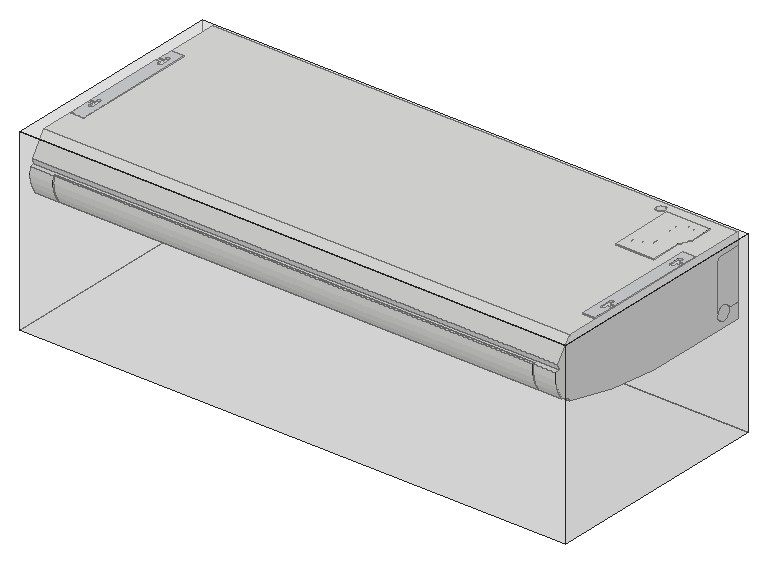
Revit family "outputfile", category 機械設備, Revit 2024
Family settings
  丸型コネクタ寸法 = 半径を使用
  パーツ タイプ = 標準
  OmniClass 番号 = 23.75.10.24.21.27.27
  OmniClass タイトル = Split System Air Conditioning Units
  作業面ベース = いいえ
  常に垂直 = はい
  ロード時にボイドで切り取り = いいえ
  注釈の向きを維持 = いいえ
  共有 = いいえ
  部屋計算ポイント = はい
Parameters (values of type "FHA125DVMG")
  製造元 = "Daikin"
  書き出し IFC クラス(タイプ) = "IfcUnitaryEquipmentType"
  定義済み IFC タイプ(タイプ) = "AIRCONDITIONINGUNIT"
  モデル = "FHA125DVMG"
  switch_frequency = yes
  r_Liquid Pipe Size = Liquid Pipe Size / 2  # 4.75 mm
  r_Gas Pipe Size = Gas Pipe Size / 2  # 7.95 mm
  r_Drain Pipe Size = Drain Pipe Size / 2  # 10.0 mm
  l_powersupply [instance] = if(Rear Right Connection_powersupply, 29.0 mm, 175.0 mm)  # 29.0 mm
  h_mountinghole = 2.0 mm
  connector_voltage = Voltage_50Hz  # 230 V
  connector_powerinput = [Power Input (Cooling)]  # 2.250 kW
  connector_phase = Phase_50Hz  # 1
  angle_vertical_powersupply [instance] = if(Rear Right Connection_powersupply, 90.00°, 180.00°)  # 90.00°
  angle_vertical_drainpipe [instance] = if(or(Left Connection_drainpipe, Right Connection_drainpipe), 90.00°, if(Top Connection_drainpipe, 180.00°, -90.00°))  # -90.00°
  angle_horizontal_powersupply [instance] = if(Rear Right Connection_powersupply, 180.00°, 0.00°)  # 180.00°
  angle_horizontal_drainpipe [instance] = if(Right Connection_drainpipe, 90.00°, if(Left Connection_drainpipe, -90.00°, 0.00°))  # 0.00°
  Voltage_comment_60Hz = "220-230"
  Voltage_comment_50Hz = "220-240"
  Voltage_60Hz = 220 V
  Voltage_50Hz = 230 V
  Top Connection_refrigerant [instance] = no
  Top Connection_powersupply [instance] = not(Rear Right Connection_powersupply)  # no
  Right Connection_refrigerant [instance] = no
  Rear Right Connection_refrigerant [instance] = yes
  Phase_60Hz = 1
  Phase_50Hz = 1
  Material_Casing = DAIKIN_White_Casing_indoorunit
  lw_powersupply [instance] = if(Rear Right Connection_powersupply, 220.0 mm, 210.0 mm)  # 220.0 mm
  lw_mountinghole_pitch = Width - 40.0 mm  # 1550.0 mm
  lw_mountinghole = 20.0 mm
  lw_liquidpipe [instance] = if(Right Connection_refrigerant, 156.0 mm, if(Top Connection_refrigerant, 156.0 mm, 136.0 mm))  # 136.0 mm
  lw_gaspipe = 105.0 mm
  lw_drainpipe [instance] = if(Top Connection_drainpipe, 102.0 mm, if(Width = 960.0 mm, if(or(Left Connection_drainpipe, Rear Left Connection_drainpipe), 884.0 mm, 83.0 mm), if(Width = 1270.0 mm, if(or(Left Connection_drainpipe, Rear Left Connection_drainpipe), 1194.0 mm, 83.0 mm), if(Width = 1590.0 mm, if(or(Left Connection_drainpipe, Rear Left Connection_drainpipe), 1514.0 mm, 83.0 mm), 83.0 mm))))  # 83.0 mm
  lh_powersupply = 175.0 mm
  lh_liquidpipe [instance] = if(Rear Right Connection_refrigerant, 160.0 mm, 131.0 mm)  # 160.0 mm
  lh_gaspipe [instance] = if(Rear Right Connection_refrigerant, 150.0 mm, 91.0 mm)  # 150.0 mm
  lh_drainpipe = 197.0 mm
  l_antena = 1.0 mm
  ld_powersupply = 30.0 mm
  ld_mountinghole_pitch = 260.0 mm
  ld_mountinghole = 210.0 mm
  ld_liquidpipe [instance] = if(Right Connection_refrigerant, 57.0 mm, if(Top Connection_refrigerant, 189.0 mm, 221.0 mm))  # 221.0 mm
  ld_gaspipe [instance] = if(Right Connection_refrigerant, 57.0 mm, if(Top Connection_refrigerant, 163.0 mm, 214.0 mm))  # 214.0 mm
  ld_drainpipe [instance] = if(or(Left Connection_drainpipe, Right Connection_drainpipe), 57.0 mm, if(Top Connection_drainpipe, 87.0 mm, 268.0 mm))  # 268.0 mm
  l_liquidpipe_length [instance] = if(Right Connection_refrigerant, 156.0 mm, if(Top Connection_refrigerant, 131.0 mm, 220.0 mm))  # 220.0 mm
  l_gaspipe_length [instance] = if(Right Connection_refrigerant, 105.0 mm, if(Top Connection_refrigerant, 91.0 mm, 213.0 mm))  # 213.0 mm
  l_drainpipe_length [instance] = if(Right Connection_drainpipe, 83.0 mm, if(Top Connection_drainpipe, 197.0 mm, if(Left Connection_drainpipe, 76.0 mm, 267.0 mm)))  # 267.0 mm
  h*** = 0.0 mm
  angle_vertical [instance] = if(Right Connection_refrigerant, 90.00°, if(Top Connection_refrigerant, 180.00°, -90.00°))  # -90.00°
  angle_horizontal [instance] = if(Right Connection_refrigerant, 90.00°, 0.00°)  # 0.00°
  Width = 1590.0 mm
  Version = "ver.1.0"
  Unit Type = "Ceiling"
  Unit Mass Weight = 38.00 kg
  Unit Designation [instance] = ""
  Uniclass2015Version = "Products v1.30"
  Uniclass2015Title = "Split coil room air conditioning units"
  Uniclass2015Code = "Pr_70_65_03_86"
  Total Cooling Capacity [instance] = 0.000 kW
  Top Connection_drainpipe [instance] = no
  Sound Pressure Level_M speed (dBA) = 41
  Sound Pressure Level_L speed (dBA) = 37
  Sound Pressure Level_H speed (dBA) = 44
  Series = "SkyAir_Fan Coil Unit"
  Sensible Cooling Capacity [instance] = 0.000 kW
  Rear Right Connection_drainpipe [instance] = yes
  Rear Right Connection_powersupply [instance] = yes
  Right Connection_drainpipe [instance] = no
  Refrigerant Type = "R32"
  Power Input (Cooling) = 2.250 kW
  Option Accessory 3 [instance] = ""
  Option Accessory 2 [instance] = ""
  Option Accessory 1 [instance] = ""
  Nominal Cooling Capacity = 9.200 kW
  Minimum Airflow = 1380.00 m³/h
  Median Airflow = 1620.00 m³/h
  Maximum Airflow = 1860.00 m³/h
  Load Classification = HVAC
  Liquid Pipe Size = 9.5 mm
  Link_Nested Family [instance] = ""
  Rear Left Connection_drainpipe [instance] = no
  Left Connection_drainpipe [instance] = no
  IfcVersion = ""
  IfcExportType = "AIRCONDITIONINGUNIT"
  IfcExportAs = "IfcUnitaryEquipmentType"
  Height = 235.0 mm
  Heat Exchanger Type = "Cross Fin Coil"
  Gas Pipe Size = 15.9 mm
  Frequency_60Hz = 60 Hz
  Frequency_50Hz = 50 Hz
  Fan Type = "Sirocco Fan"
  Fan Drive = "Direct Drive"
  FCU Tag No. [instance] = ""
  Drain Pipe Size = 20.0 mm
  Design Supply Airflow [instance] = 0.00 m³/h
  Design Outdoor Airflow [instance] = 0.00 m³/h
  Depth = 690.0 mm
  既定の高さ = 0.0 mm
  Cooling Entering Wet Bulb Temperature [instance] = 0.00 °C
  Cooling Entering Dry Bulb Temperature [instance] = 0.00 °C
  Cooling Ambient Wet Bulb Temperature [instance] = 0.00 °C
  Cooling Ambient Dry Bulb Temperature [instance] = 0.00 °C
  Clearance visibility [instance] = yes
  Clearance Top = 5.0 mm
  Clearance Right = 30.0 mm
  Clearance Rear = 0.0 mm
  Clearance Left = 30.0 mm
  Clearance Front = 0.0 mm
  Clearance Bottom = 300.0 mm
Reference planes
  plane 1 "Back": y = 0
  plane 2: z = 0
  plane 3 "Center (Left/Right)": x = 0
  plane 4 "Center (Front/Back)": y = -1
  plane 5 "Front": y = -690
  plane 6 "Left": x = -795
  plane 7 "Right": x = 795
  plane 8 "Top": z = 0
  plane 9 "Bottom": z = -235
  plane 10: y = -690
  plane 11: x = -825
  plane 12: x = 825
  plane 13: z = 5
  plane 14: z = -535
  plane 15: y = 0
  plane 16 "lw_mountinghole": x = -775
  plane 17 "lw_mountinghole2": x = 775
  plane 18 "ld_mountinghole": y = -210
  plane 19 "ld_mountinghole2": y = -470
  plane 20 "lw_gaspipe": x = 690
  plane 21 "ld_gaspipe": y = -214
  plane 22 "lh_gaspipe": z = -150
  plane 23 "lw_liquidpipe": x = 659
  plane 24 "ld_liquidpipe": y = -221
  plane 25 "lh_liquidpipe": z = -160
  plane 26 "ld_drainpipe": y = -268
  plane 27 "lw_drainpipe": x = 712
  plane 28 "lh_drainpipe": z = -197
  plane 29 "lw_powersupply": x = 575
  plane 30 "lh_powersupply": z = -175
  plane 31 "ld_powersupply": y = -30
  plane 32: x = -725.5
  plane 33: x = 725.5
  plane 34: x = -750
  plane 35: x = 750
  plane 36: x = -2
  plane 37: x = 2
Forms (mm)
  Extrusion 1, solid, material "DAIKIN_White_Casing_indoorunit" <- "Material_Casing"
    sketch origin (0, 0, 0) x (0, 1, 0) y (0, 0, 1)
      loop
        line (-639.277, 0) -> (-680.876, -61.699) -> (-675.026, -77.772)
        arc (-675.026, -77.772) -> (-681.815, -78.743) -> (-688.601, -79.732) r 2634.132
        arc (-688.601, -79.732) -> (-687.018, -121.096) -> (-669.159, -158.439) r 102.2
        line (-669.159, -158.439) -> (-639.858, -169.325) -> (-635.895, -178.261)
        arc (-635.895, -178.261) -> (-479.121, -215.759) -> (-319.077, -235) r 1400.997
        line (-319.077, -235) -> (-1, -235) -> (-1, 0) -> (-639.277, 0)
    from -795 to 795
  Extrusion 2, solid, material "DAIKIN_White_Casing_indoorunit" <- "Material_Casing"
    sketch origin (0, 0, 0) x (0, 1, 0) y (0, 0, 1)
      loop
        arc (-688.601, -79.732) -> (-687.018, -121.096) -> (-669.159, -158.439) r 102.2
        line (-669.159, -158.439) -> (-665.589, -154.869)
        arc (-665.589, -154.869) -> (-682.432, -118.783) -> (-683.39, -78.971) r 97.2
        arc (-683.39, -78.971) -> (-685.996, -79.351) -> (-688.601, -79.732) r 2634.132
    from -725.5 to 725.5
  Extrusion 3, void
    sketch origin (0, 0, 0) x (0, 1, 0) y (0, 0, 1)
      loop
        line (-301.098, -235) -> (-21.098, -235) -> (-21.098, -230) -> (-301.098, -230) -> (-301.098, -235)
    from -750 to 750
  Extrusion 4, solid, material "DAIKIN_White_Grille_indoorunit"
    sketch origin (0, 0, 0) x (0, 1, 0) y (0, 0, 1)
      loop
        line (-20.098, -230) -> (-301.098, -230) -> (-301.098, -235) -> (-20.098, -235) -> (-20.098, -230)
    from -750 to -2
  Extrusion 5, solid, material "DAIKIN_White_Casing_indoorunit" <- "Material_Casing"
    sketch origin (0, 0, 0) x (1, 0, 0) y (0, 0, 1)
      loop
        line (602, -63) -> (602, -178) -> (673, -220) -> (736, -220) -> (736, -63) -> (602, -63)
    from 0 to 1
  Extrusion 6, solid, material "DAIKIN_White_Casing_indoorunit" <- "Material_Casing"
    sketch origin (0, 0, 0) x (-1, 0, 0) y (0, -1, 0)
      loop
        line (-607, 35) -> (-607, 230) -> (-723, 230) -> (-723, 135) -> (-738, 105) -> (-738, 35) -> (-607, 35)
    from 0 to 1.9
  Extrusion 7, void
    sketch origin (795, 0, 0) x (0, 1, 0) y (0, 0, 1)
      loop
        arc (-79.5, -195) -> (-55.446, -217.446) -> (-34.715, -191.9) r 22.5
        line (-34.715, -191.9) -> (-1, -191.9) -> (-1, -190.1) -> (-35.04, -190.1)
        arc (-35.04, -190.1) -> (-54.942, -172.594) -> (-77.7, -186.182) r 22.5
        line (-77.7, -186.182) -> (-77.7, -43)
        arc (-77.7, -43) -> (-76.528, -40.172) -> (-73.7, -39) r 4
        line (-73.7, -39) -> (-1, -39) -> (-1, -37.2) -> (-73.7, -37.2)
        arc (-73.7, -37.2) -> (-77.801, -38.899) -> (-79.5, -43) r 5.8
        line (-79.5, -43) -> (-79.5, -195)
      loop
        circle (-57, -195) r 20.7
    from 0 to -10
  Extrusion 8, void
    sketch origin (-1444.026, -1, 1200) x (1, 0, 0) y (0, 0, 1)
      loop
        arc (715.026, -1375) -> (704.42, -1379.393) -> (700.026, -1390) r 15
        line (700.026, -1390) -> (700.026, -1400)
        arc (700.026, -1400) -> (704.42, -1410.607) -> (715.026, -1415) r 15
        line (715.026, -1415) -> (745.026, -1415)
        arc (745.026, -1415) -> (755.633, -1410.607) -> (760.026, -1400) r 15
        line (760.026, -1400) -> (760.026, -1390)
        arc (760.026, -1390) -> (755.633, -1379.393) -> (745.026, -1375) r 15
        line (745.026, -1375) -> (715.026, -1375)
    from 0 to 10
  Extrusion 9, void
    sketch origin (-795, 0, 0) x (0, 1, 0) y (0, 0, 1)
      loop
        circle (-57, -197) r 22.5
    from 0 to 10
  Extrusion 10, void
    sketch origin (-1444.026, -1, 1200) x (1, 0, 0) y (0, 0, 1)
      loop
        circle (2136.026, -1375) r 44
    from 0 to 10
  Extrusion 11, void
    sketch origin (0, 0, 0) x (-1, 0, 0) y (0, -1, 0)
      loop
        circle (-693, 87) r 30
    from 0 to -10
  Extrusion 12, void
    sketch origin (0, 0, 0) x (-1, 0, 0) y (0, -1, 0)
      loop
        circle (-690, 163) r 18
    from 0 to -10
  Extrusion 13, void
    sketch origin (0, 0, 0) x (-1, 0, 0) y (0, -1, 0)
      loop
        circle (-639, 189) r 13
    from 0 to -10
  Extrusion 14, void
    sketch origin (-1444.026, -1, 1200) x (1, 0, 0) y (0, 0, 1)
      loop
        circle (2019.026, -1375) r 14.5
    from 0 to 10
  Extrusion 15, void
    sketch origin (0, 0, 0) x (-1, 0, 0) y (0, -1, 0)
      loop
        circle (-585, 30) r 14.5
    from 0 to -10
  Extrusion 16, void
    sketch origin (795, 0, 0) x (0, 1, 0) y (0, 0, 1)
      loop
        arc (-665.589, -154.869) -> (-682.432, -118.783) -> (-683.39, -78.971) r 97.2
        arc (-683.39, -78.971) -> (-685.996, -79.351) -> (-688.601, -79.732) r 2634.132
        arc (-688.601, -79.732) -> (-687.018, -121.096) -> (-669.159, -158.439) r 102.2
        line (-669.159, -158.439) -> (-665.589, -154.869)
    from -69.5 to -1520.5
  Extrusion 17, solid, material "DAIKIN_White_Casing_indoorunit" <- "Material_Casing"
    sketch origin (-795, 0, 0) x (0, 1, 0) y (0, 0, 1)
      loop
        circle (-57, -197) r 22.5
    from 0 to 10
  Extrusion 18, solid, material "DAIKIN_White_Grille_indoorunit"
    sketch origin (780, 0, 0) x (0, 1, 0) y (0, 0, 1)
      loop
        line (-20.098, -230) -> (-301.098, -230) -> (-301.098, -235) -> (-20.098, -235) -> (-20.098, -230)
    from -782 to -778
  Extrusion 19, solid, material "DAIKIN_White_Grille_indoorunit"
    sketch origin (0, 0, 0) x (0, 1, 0) y (0, 0, -1)
      loop
        line (-20.098, 230) -> (-20.098, 235) -> (-301.098, 235) -> (-301.098, 230) -> (-20.098, 230)
    from -750 to -2
Cuts and joins
  Extrusion 3, Extrusion 7, Extrusion 8, Extrusion 9, Extrusion 10, Extrusion 11, Extrusion 12, Extrusion 13, Extrusion 14, Extrusion 15, Extrusion 16 cuts Extrusion 1
Lines and regions (mm)
  reference lines
    curve 1: line (795, -580.282, -192.75) -> (795, -551.225, -200.21)
Dimensions and locks
  equal spacing: plane 6 "Left", plane 3 "Center (Left/Right)", plane 7 "Right"
  "Width": plane 6 "Left" to plane 7 "Right"
  "Depth": plane 5 "Front" to plane 1 "Back"
  "Height": plane 8 "Top" to plane 9 "Bottom"
  "Clearance Front": plane 10 to plane 5 "Front"
  "Clearance Left": plane 11 to plane 6 "Left"
  "Clearance Right": plane 7 "Right" to plane 12
  "Clearance Top": plane 13 to plane 8 "Top"
  "Clearance Bottom": plane 9 "Bottom" to plane 14
  "Clearance Rear": plane 1 "Back" to plane 15
  locked: plane 4 "Center (Front/Back)" to plane 1 "Back" at 1
  locked: Extrusion 1 sketch curve to Extrusion 1 sketch curve at 235
  locked: Extrusion 1 sketch curve to Extrusion 1 sketch curve at 318.077
  locked: Extrusion 1 sketch curve to Extrusion 1 sketch curve at 1163.297
  locked: Extrusion 1 sketch curve to Extrusion 1 sketch curve at 231.144
  Extrusion 3 sketch curve to Extrusion 3 sketch curve to plane 1 "Back" = 280.0 mm locked, 21.098 mm locked
  "ld_mountinghole": plane 18 "ld_mountinghole" to plane 1 "Back"
  "ld_mountinghole_pitch": plane 18 "ld_mountinghole" to plane 19 "ld_mountinghole2"
  "lw_mountinghole_pitch": plane 16 "lw_mountinghole" to plane 17 "lw_mountinghole2"
  "lw_mountinghole": plane 6 "Left" to plane 16 "lw_mountinghole"
  "lw_gaspipe": plane 20 "lw_gaspipe" to plane 7 "Right"
  "ld_gaspipe": plane 1 "Back" to plane 21 "ld_gaspipe"
  "lw_liquidpipe": plane 23 "lw_liquidpipe" to plane 7 "Right"
  "ld_liquidpipe": plane 1 "Back" to plane 24 "ld_liquidpipe"
  "lw_drainpipe": plane 27 "lw_drainpipe" to plane 7 "Right"
  "ld_drainpipe": plane 26 "ld_drainpipe" to plane 1 "Back"
  plane 8 "Top" to Extrusion 5 sketch curve to Extrusion 5 sketch curve = 63.0 mm locked, 157.0 mm locked
  plane 7 "Right" to Extrusion 5 sketch curve to Extrusion 5 sketch curve = 59.0 mm locked, 134.0 mm locked
  locked: Extrusion 5 sketch curve to Extrusion 5 sketch curve at 115
  locked: Extrusion 5 sketch curve to Extrusion 5 sketch curve at 63
  locked: Extrusion 6 sketch curve to Extrusion 6 sketch curve at 195
  locked: Extrusion 6 sketch curve to Extrusion 6 sketch curve at 116
  locked: Extrusion 6 sketch curve to Extrusion 6 sketch curve at 131
  locked: Extrusion 6 sketch curve to Extrusion 6 sketch curve at 100
  locked: Extrusion 6 sketch curve to plane 1 "Back" at 35
  locked: Extrusion 6 sketch curve to plane 7 "Right" at 57
  locked: Extrusion 8 sketch curve to Extrusion 8 sketch curve at 40
  locked: Extrusion 8 sketch curve to Extrusion 8 sketch curve at 60
  locked: plane 8 "Top" to Extrusion 8 sketch curve at 175
  locked: Extrusion 8 sketch curve to plane 6 "Left" at 51
  locked: plane 7 "Right" to Extrusion 10 sketch curve at 103
  locked: plane 8 "Top" to Extrusion 10 sketch curve at 175
  locked: Extrusion 11 sketch curve to plane 1 "Back" at 87
  locked: Extrusion 11 sketch curve to plane 7 "Right" at 102
  locked: Extrusion 12 sketch curve to plane 1 "Back" at 163
  locked: Extrusion 12 sketch curve to plane 7 "Right" at 105
  locked: Extrusion 13 sketch curve to plane 1 "Back" at 189
  locked: Extrusion 13 sketch curve to plane 7 "Right" at 156
  "lw_powersupply": plane 29 "lw_powersupply" to plane 7 "Right"
  "lh_gaspipe": plane 8 "Top" to plane 22 "lh_gaspipe"
  "lh_liquidpipe": plane 8 "Top" to plane 25 "lh_liquidpipe"
  "lh_powersupply": plane 8 "Top" to plane 30 "lh_powersupply"
  "lh_drainpipe": plane 8 "Top" to plane 28 "lh_drainpipe"
  "ld_powersupply": plane 1 "Back" to plane 31 "ld_powersupply"
  locked: plane 8 "Top" to Extrusion 7 sketch curve at 195
  locked: Extrusion 7 sketch curve to plane 1 "Back" at 57
  locked: plane 9 "Bottom" to Extrusion 7 sketch curve at 43.1
  locked: Extrusion 7 sketch curve to plane 8 "Top" at 39
  locked: Extrusion 7 sketch curve to plane 1 "Back" at 79.5
  locked: Extrusion 9 sketch curve to plane 1 "Back" at 57
  locked: plane 8 "Top" to Extrusion 9 sketch curve at 197
  locked: Extrusion 17 sketch curve to plane 1 "Back" at 57
  locked: plane 8 "Top" to Extrusion 17 sketch curve at 197
  locked: plane 7 "Right" to Extrusion 14 sketch curve at 220
  locked: plane 8 "Top" to Extrusion 14 sketch curve at 175
  locked: Extrusion 15 sketch curve to plane 7 "Right" at 210
  locked: Extrusion 15 sketch curve to plane 1 "Back" at 30
  locked: curve 1 to plane 9 "Bottom" at 34.79
  locked: curve 1 to plane 9 "Bottom" at 42.25
  locked: plane 6 "Left" to plane 32 at 69.5
  locked: plane 33 to plane 7 "Right" at 69.5
  locked: plane 35 to plane 7 "Right" at 45
  locked: plane 6 "Left" to plane 34 at 45
  plane 36 to plane 3 "Center (Left/Right)" to plane 37 = 2.0 mm locked, 2.0 mm locked
  locked: curve 1 to plane 9 "Bottom" (angle 14.40°)
  aligned and locked: level to plane 2
  aligned and locked: nested 1 to plane 11
  aligned and locked: nested 1 to plane 12
  aligned and locked: nested 1 to plane 10
  aligned and locked: plane 13 to nested 1
  aligned and locked: plane 14 to nested 1
  aligned and locked: plane 15 to nested 1
  aligned and locked: Extrusion 1 sketch curve to plane 8 "Top"
  aligned and locked: Extrusion 2 sketch curve to Extrusion 1  (x2)
  aligned and locked: plane 7 "Right" to Extrusion 1
  aligned and locked: Extrusion 1 to plane 6 "Left"
  aligned and locked: cut or joined group 1 (Extrusion 1, Extrusion 3, Extrusion 7, Extrusion 8, Extrusion 9, Extrusion 10, Extrusion 11, Extrusion 12, Extrusion 13, Extrusion 14, Extrusion 15, Extrusion 16) to Extrusion 3 sketch curve
  aligned and locked: cut or joined group 1 to Extrusion 4 sketch curve
  aligned and locked: Extrusion 5 to plane 4 "Center (Front/Back)"
  aligned and locked: Extrusion 7 sketch curve to plane 4 "Center (Front/Back)"
  aligned and locked: Extrusion 16 sketch curve to Extrusion 2  (x4)
  aligned and locked: Extrusion 16 to Extrusion 2  (x2)
  aligned and locked: nested 2 to plane 26 "ld_drainpipe"
  aligned and locked: plane 27 "lw_drainpipe" to nested 2
  aligned and locked: plane 20 "lw_gaspipe" to nested 3
  aligned and locked: nested 3 to plane 21 "ld_gaspipe"
  aligned and locked: plane 23 "lw_liquidpipe" to nested 4
  aligned and locked: nested 4 to plane 24 "ld_liquidpipe"
  aligned and locked: plane 25 "lh_liquidpipe" to nested 4
  aligned and locked: nested 5 to plane 31 "ld_powersupply"
  aligned and locked: plane 29 "lw_powersupply" to nested 5
  aligned and locked: nested 7 to plane 18 "ld_mountinghole"
  aligned and locked: plane 16 "lw_mountinghole" to nested 7
  aligned and locked: nested 6 to plane 19 "ld_mountinghole2"
  aligned and locked: plane 16 "lw_mountinghole" to nested 6
  aligned and locked: nested 9 to plane 18 "ld_mountinghole"
  aligned and locked: plane 17 "lw_mountinghole2" to nested 9
  aligned and locked: plane 17 "lw_mountinghole2" to nested 8
  aligned and locked: nested 8 to plane 19 "ld_mountinghole2"
  aligned and locked: nested 10 to curve 1
  aligned and locked: level to plane 8 "Top"
  aligned and locked: cut or joined group 1 to plane 32
  aligned and locked: plane 33 to cut or joined group 1
  aligned and locked: Extrusion 16 to plane 32
  aligned and locked: plane 33 to Extrusion 16
  aligned and locked: Extrusion 4 to plane 34
  aligned and locked: cut or joined group 1 to plane 34
  aligned and locked: plane 34 to Extrusion 4  (x3)
  aligned and locked: plane 16 "lw_mountinghole" to nested 11
  aligned and locked: plane 17 "lw_mountinghole2" to nested 12
  aligned and locked: plane 36 to Extrusion 4
  aligned and locked: Extrusion 18 to plane 36
  aligned and locked: plane 37 to Extrusion 18
  aligned and locked: Extrusion 19 to plane 37
  aligned and locked: plane 37 to Extrusion 19
  aligned and locked: plane 35 to Extrusion 19
  aligned and locked: plane 35 to Extrusion 3
  aligned and locked: Extrusion 4 to cut or joined group 1
  aligned and locked: cut or joined group 1 to Extrusion 18
  aligned and locked: cut or joined group 1 to Extrusion 19
Automatic sketch dimensions
  Extrusion 1 sketch curve to plane 4 "Center (Front/Back)" = 0.0 mm
  Extrusion 1 sketch curve to plane 5 "Front" = 102.2 mm
  Extrusion 1 sketch curve to plane 30 "lh_powersupply" = 3.261 mm
  Extrusion 1 sketch curve to plane 5 "Front" = 50.723 mm
  plane 30 "lh_powersupply" to Extrusion 1 sketch curve = 5.675 mm
  Extrusion 1 sketch curve to Extrusion 1 sketch curve = 3.963 mm
  plane 25 "lh_liquidpipe" to Extrusion 1 sketch curve = 1.561 mm
  Extrusion 1 sketch curve to plane 5 "Front" = 20.841 mm
  Extrusion 1 sketch curve to plane 5 "Front" = 14.974 mm
  Extrusion 1 sketch curve to plane 5 "Front" = 9.124 mm
  Extrusion 1 sketch curve to plane 26 "ld_drainpipe" = 37.278 mm
  Extrusion 1 sketch curve to plane 14 = 2150.825 mm
  plane 22 "lh_gaspipe" to Extrusion 1 sketch curve = 53.413 mm
  Extrusion 1 sketch curve to level = 77.772 mm
  Extrusion 1 sketch curve to Extrusion 1 sketch curve = 16.072 mm
  Extrusion 2 sketch curve to Extrusion 2 sketch curve = 0.0 mm  (x2)
  plane 25 "lh_liquidpipe" to Extrusion 2 sketch curve = 1.561 mm
  Extrusion 2 sketch curve to plane 22 "lh_gaspipe" = 4.869 mm
  Extrusion 2 sketch curve to Extrusion 2 sketch curve = 3.57 mm
  Extrusion 3 sketch curve to Extrusion 3 sketch curve = 5.0 mm
  plane 31 "ld_powersupply" to Extrusion 4 sketch curve = 9.902 mm
  Extrusion 4 sketch curve to Extrusion 4 sketch curve = 5.0 mm
  Extrusion 6 sketch curve to Extrusion 6 sketch curve = 30.0 mm
  Extrusion 7 sketch curve to Extrusion 7 sketch curve = 0.0 mm  (x6)
  Extrusion 7 sketch curve to plane 4 "Center (Front/Back)" = 0.0 mm  (x2)
  Extrusion 7 sketch curve to Extrusion 7 sketch curve = 1.8 mm  (x2)
  Extrusion 7 sketch curve to Extrusion 7 sketch curve = 4.0 mm
  Extrusion 7 sketch curve to Extrusion 7 sketch curve = 0.325 mm
  Extrusion 8 sketch curve to plane 32 = 3.5 mm  (x2)
  Extrusion 8 sketch curve to plane 28 "lh_drainpipe" = 3.0 mm
  Extrusion 8 sketch curve to Extrusion 8 sketch curve = 15.0 mm
  curve 1 to plane 5 "Front" = 109.718 mm
  Extrusion 18 sketch curve to plane 9 "Bottom" = 0.0 mm
  plane 9 "Bottom" to Extrusion 18 sketch curve = 5.0 mm
  Extrusion 18 sketch curve to plane 26 "ld_drainpipe" = 33.098 mm
  plane 31 "ld_powersupply" to Extrusion 18 sketch curve = 9.902 mm
  Extrusion 19 sketch curve to plane 9 "Bottom" = 0.0 mm
  plane 9 "Bottom" to Extrusion 19 sketch curve = 5.0 mm
  Extrusion 19 sketch curve to plane 26 "ld_drainpipe" = 33.098 mm
  plane 31 "ld_powersupply" to Extrusion 19 sketch curve = 9.902 mm
  Extrusion 4 sketch curve to plane 26 "ld_drainpipe" = 33.098 mm
  radius of Extrusion 7 sketch curve = 20.7 mm
  radius of Extrusion 9 sketch curve = 22.5 mm
  radius of Extrusion 10 sketch curve = 44.0 mm
  radius of Extrusion 11 sketch curve = 30.0 mm
  radius of Extrusion 12 sketch curve = 18.0 mm
  radius of Extrusion 13 sketch curve = 13.0 mm
  radius of Extrusion 14 sketch curve = 14.5 mm
  radius of Extrusion 15 sketch curve = 14.5 mm
  radius of Extrusion 17 sketch curve = 22.5 mm
Nested families
  nested 1: "daikin_clearancespace" at (0, -345, -264.881), visible <- "Clearance visibility", show <- "Clearance visibility", Link_Nested Family <- "Link_Nested Family", type "daikin_clearancespace"
    with width 1650.0 mm, show yes, height 540.0 mm, depth 690.0 mm, Link_Nested Family ""
  nested 2: "daikin_connector_rotate3" at (712, -268, -197), radius <- "r_Drain Pipe Size", angle_vertical <- "angle_vertical_drainpipe", angle_horizontal <- "angle_horizontal_drainpipe", length <- "l_drainpipe_length", type "daikin_connector_rotate3"
    with show no, radius 10.0 mm, length 267.0 mm, angle_vertical -90.00°, angle_horizontal 0.00°
  nested 3: "daikin_connector_rotate3" at (690, -214, -150), radius <- "r_Gas Pipe Size", angle_vertical <- "angle_vertical", angle_horizontal <- "angle_horizontal", length <- "l_gaspipe_length", type "daikin_connector_rotate3"
    with show no, radius 7.95 mm, length 213.0 mm, angle_vertical -90.00°, angle_horizontal 0.00°
  nested 4: "daikin_connector_rotate3" at (659, -221, -160), radius <- "r_Liquid Pipe Size", angle_vertical <- "angle_vertical", angle_horizontal <- "angle_horizontal", length <- "l_liquidpipe_length", type "daikin_connector_rotate3"
    with show no, radius 4.75 mm, length 220.0 mm, angle_vertical -90.00°, angle_horizontal 0.00°
  nested 5: "daikin_connector_rotate3" at (575, -30, -175), length <- "l_powersupply", angle_vertical <- "angle_vertical_powersupply", angle_horizontal <- "angle_horizontal_powersupply", type "daikin_connector_rotate3"
    with show no, radius 10.0 mm, length 29.0 mm, angle_vertical 90.00°, angle_horizontal 180.00°
  nested 6: "daikin_mountinghole" at (-775, -470, 0), l_antenna <- "l_antena", Link_Nested Family <- "Link_Nested Family", h_mountinghole <- "h_mountinghole", type "daikin_mountinghole"
    with show yes, l_antenna 1.0 mm, h_mountinghole 2.0 mm, Link_Nested Family ""
  nested 7: "daikin_mountinghole" at (-775, -210, 0), l_antenna <- "l_antena", Link_Nested Family <- "Link_Nested Family", h_mountinghole <- "h_mountinghole", type "daikin_mountinghole"
    with show yes, l_antenna 1.0 mm, h_mountinghole 2.0 mm, Link_Nested Family ""
  nested 8: "daikin_mountinghole" at (775, -470, 0), l_antenna <- "l_antena", Link_Nested Family <- "Link_Nested Family", h_mountinghole <- "h_mountinghole", type "daikin_mountinghole"
    with show yes, l_antenna 1.0 mm, h_mountinghole 2.0 mm, Link_Nested Family ""
  nested 9: "daikin_mountinghole" at (775, -210, 0), Link_Nested Family <- "Link_Nested Family", l_antenna <- "l_antena", h_mountinghole <- "h_mountinghole", type "daikin_mountinghole"
    with show yes, l_antenna 1.0 mm, h_mountinghole 2.0 mm, Link_Nested Family ""
  nested 10: "daikin_logo_plane_w40" at (647.963, -559.801, -198.008) x (1, 0, 0) z (0, -0.2487, -0.9686), type "daikin_logo_plane_w40"
    with show_logo yes
  nested 11: "daikin_hangerfixture_FHA-DVMG" at (-775, 0, 0), type "daikin_hangerfixture_FHA-DVMG"
    with width 38.0 mm, height 2.0 mm, depth 380.0 mm
  nested 12: "daikin_hangerfixture_FHA-DVMG" at (775, 0, 0) x (-1, 0, 0) z (0, 0, 1), type "daikin_hangerfixture_FHA-DVMG"
    with width 38.0 mm, height 2.0 mm, depth 380.0 mm
Connectors
  piping at (712, -1, -197), diameter 20, driven by "r_Drain Pipe Size"
    settings: on nested 2, index 1, connector inside diameter 609.6 mm, connector length 0.0 mm, flow factor 0, pipe flow 0.00 m³/h, pressure drop 0.0 Pa, fitting loss kfactor 0, connector angle 0.00°, fixture units 0, engagement length 0.0 mm, angle of deflection 0.00°, flow configuration 1, flow direction 2, fitting loss method 4, system type 16, joint type 0, gender type 0, connector reference index -1, connector utility 0, adjustable connector no, is connector primary yes, connector description "Condensate Drain Piping"
  piping at (690, -1, -150), diameter 15.9, driven by "r_Gas Pipe Size"
    settings: on nested 3, index 3, connector inside diameter 609.6 mm, connector length 0.0 mm, flow factor 0, pipe flow 0.00 m³/h, pressure drop 0.0 Pa, fitting loss kfactor 0, connector angle 0.00°, fixture units 0, engagement length 0.0 mm, angle of deflection 0.00°, flow configuration 1, flow direction 2, fitting loss method 0, system type 29, joint type 0, gender type 0, connector reference index -1, connector utility 0, adjustable connector no, is connector primary no, connector description "Refrigerant Gas Piping"
  piping at (659, -1, -160), diameter 9.5, driven by "r_Liquid Pipe Size"
    settings: on nested 4, index 4, connector inside diameter 609.6 mm, connector length 0.0 mm, flow factor 0, pipe flow 0.00 m³/h, pressure drop 0.0 Pa, fitting loss kfactor 0, connector angle 0.00°, fixture units 0, engagement length 0.0 mm, angle of deflection 0.00°, flow configuration 1, flow direction 1, fitting loss method 0, system type 29, joint type 0, gender type 0, connector reference index -1, connector utility 0, adjustable connector no, is connector primary no, connector description "Refrigerant Liquid Piping"
  electrical at (575, -1, -175), driven by "Load Classification", driven by "connector_powerinput", driven by "connector_phase", driven by "connector_voltage"
    settings: on nested 5, index 6, voltage 230 V, apparent load 2250 VA, apparent load phase1 0 VA, apparent load phase2 0 VA, apparent load phase3 0 VA, power factor 1, load classification "HVAC", number of poles 1, system type 30, power factor state 1, is connector primary yes, connector utility no, sub classification motor no, connector description "Power Supply"
Definition of nested family "daikin_clearancespace"
  Parameters (values of type "daikin_clearancespace")
    Description = "daikin_clearancespace"
    width [instance] = 1823.963 mm
    show [instance] = yes
    material = none
    height [instance] = 1359.762 mm
    depth [instance] = 880.0 mm
    Default Elevation = 0.0 mm
    Link_Nested Family [instance] = ""
  Reference planes
    plane 1 "Center (Front/Back)": y = 0
    plane 2 "Center (Elevation)": z = -0.119
    plane 3 "Center (Left/Right)": x = 0
    plane 4: y = 440
    plane 5: y = -440
    plane 6 "Right": x = 911.982
    plane 7 "Left": x = -911.982
    plane 8 "Top": z = 679.762
    plane 9 "Bottom": z = -680
  Forms (mm)
    Extrusion 1, solid, material <- "material", visible <- "show"
      sketch origin (0, 0, 0) x (1, 0, 0) y (0, 1, 0)
        loop
          line (-911.982, 440) -> (-911.982, -440) -> (911.982, -440) -> (911.982, 440) -> (-911.982, 440)
      from -680 to 679.762
  Lines and regions (mm)
    symbolic lines, visible <- "show"
      curve 1: line (911.982, 440, 0) -> (-911.982, 440, 0)
      curve 2: line (-911.982, 440, 0) -> (-911.982, -440, 0)
      curve 3: line (-911.982, -440, 0) -> (911.982, -440, 0)
      curve 4: line (911.982, -440, 0) -> (911.982, 440, 0)
      curve 5: line (911.982, 0, 679.762) -> (-911.982, 0, 679.762)
      curve 6: line (911.982, 0, -680) -> (911.982, 0, 679.762)
      curve 7: line (-911.982, 0, -680) -> (911.982, 0, -680)
      curve 8: line (-911.982, 0, 679.762) -> (-911.982, 0, -680)
      curve 9: line (0, 440, 679.762) -> (0, -440, 679.762)
      curve 10: line (0, -440, 679.762) -> (0, -440, -680)
      curve 11: line (0, 440, -680) -> (0, 440, 679.762)
      curve 12: line (0, -440, -680) -> (0, 440, -680)
  Dimensions and locks
    "width": plane 7 "Left" to plane 6 "Right"
    "depth": plane 4 to plane 5
    "height": plane 8 "Top" to plane 9 "Bottom"
    equal spacing: plane 7 "Left", plane 3 "Center (Left/Right)", plane 6 "Right"
    equal spacing: plane 4, plane 1 "Center (Front/Back)", plane 5
    equal spacing: plane 8 "Top", plane 2 "Center (Elevation)", plane 9 "Bottom"
    aligned and locked: level to plane 2 "Center (Elevation)"
    aligned and locked: Extrusion 1 sketch curve to plane 4
    aligned and locked: plane 7 "Left" to Extrusion 1 sketch curve
    aligned and locked: Extrusion 1 sketch curve to plane 5
    aligned and locked: Extrusion 1 sketch curve to plane 6 "Right"
    aligned and locked: plane 8 "Top" to Extrusion 1
    aligned and locked: curve 1 to Extrusion 1
    aligned and locked: curve 2 to Extrusion 1
    aligned and locked: curve 3 to Extrusion 1
    aligned and locked: curve 4 to Extrusion 1
    aligned and locked: curve 5 to Extrusion 1
    aligned and locked: curve 6 to Extrusion 1
    aligned and locked: curve 7 to Extrusion 1
    aligned and locked: curve 8 to Extrusion 1
    aligned and locked: curve 9 to Extrusion 1
    aligned and locked: curve 10 to Extrusion 1
    aligned and locked: curve 11 to Extrusion 1
    aligned and locked: curve 12 to Extrusion 1
    aligned and locked: Extrusion 1 to plane 9 "Bottom"
Definition of nested family "daikin_logo_plane_w40"
  Parameters (values of type "daikin_logo_plane_w40")
    width = 40.0 mm
    show_logo [instance] = yes
    material = none
    height = 0.0 mm
    depth = 0.0 mm
    Default Elevation = 1219.2 mm
  Reference planes
    plane 1 "Center (Front/Back)": y = 0
    plane 2: z = 0
    plane 3 "Center (Left/Right)": x = 0
    plane 4: z = 2
    plane 5 "left": x = -19
    plane 6: x = 19
  Forms (mm)
    Extrusion 1, solid, visible <- "show_logo"
      sketch origin (-19, 0, 0) x (1, 0, 0) y (0, 1, 0)
        loop
          line (8.902, -1.878) -> (7.789, -6.332) -> (11.13, -6.332)
          arc (11.13, -6.332) -> (12.454, -6.064) -> (13.472, -5.176) r 2.642
          arc (13.472, -5.176) -> (13.92, -4.02) -> (13.767, -2.79) r 2.537
          arc (13.767, -2.79) -> (13.452, -2.342) -> (12.982, -2.06) r 1.321
          arc (12.982, -2.06) -> (12.063, -1.902) -> (11.13, -1.878) r 6.479
          line (11.13, -1.878) -> (8.902, -1.878)
        loop
          line (10.016, -5.441) -> (10.907, -5.441)
          arc (10.907, -5.441) -> (11.591, -4.983) -> (11.988, -4.261) r 1.742
          spline (11.988, -4.261) -> (12.01, -4.155) -> (12.027, -4.03) -> (12.037, -3.893) -> (12.037, -3.747) -> (12.026, -3.598) -> (12.002, -3.451) -> (11.962, -3.31) -> (11.905, -3.181) -> (11.829, -3.069) -> (11.731, -2.978) -> (11.61, -2.913) -> (11.464, -2.88)
          line (11.464, -2.88) -> (10.573, -2.88) -> (10.016, -5.441)
        loop
          line (13.58, -6.332) -> (14.805, -6.332) -> (15.223, -5.553) -> (16.977, -5.553) -> (17.144, -6.332) -> (19.149, -6.332) -> (18.258, -1.878) -> (16.03, -1.878) -> (13.58, -6.332)
        loop
          line (16.476, -3.214) -> (15.76, -4.551) -> (16.762, -4.551) -> (16.476, -3.214)
        loop
          line (19.705, -6.332) -> (21.599, -6.332) -> (22.712, -1.878) -> (20.819, -1.878) -> (19.705, -6.332)
        loop
          line (22.712, -6.332) -> (24.606, -6.332) -> (24.908, -5.122) -> (25.831, -6.332) -> (28.17, -6.332) -> (26.388, -3.994) -> (28.949, -1.878) -> (26.945, -1.878) -> (25.401, -3.153) -> (25.719, -1.878) -> (23.826, -1.878) -> (22.712, -6.332)
        loop
          line (29.84, -1.878) -> (28.615, -6.332) -> (30.62, -6.332) -> (31.734, -1.878) -> (29.84, -1.878)
        loop
          line (31.734, -6.332) -> (33.07, -6.332) -> (33.7, -3.814) -> (34.518, -6.332) -> (36.745, -6.332) -> (37.859, -1.878) -> (36.523, -1.878) -> (35.845, -4.589) -> (34.963, -1.878) -> (32.847, -1.878) -> (31.734, -6.332)
      from 0 to 2
    Extrusion 2, solid, visible <- "show_logo"
      sketch origin (-19, 0, 0) x (1, 0, 0) y (0, 1, 0)
        loop
          line (8.7, 0) -> (4.235, 0) -> (0, -3.879) -> (0, -8) -> (8.7, 0)
      from 0 to 2
    Extrusion 3, solid, visible <- "show_logo"
      sketch origin (-19, 0, 0) x (1, 0, 0) y (0, 1, 0)
        loop
          line (0, 0) -> (0, -3.879) -> (4.235, 0) -> (0, 0)
      from 0 to 2
  Dimensions and locks
    plane 4 to plane 2 = 2.0 mm
    equal spacing: plane 5 "left", plane 3 "Center (Left/Right)", plane 6
    locked: plane 5 "left" to plane 6 at 38
    aligned and locked: level to plane 2
    aligned and locked: Extrusion 3 to plane 1 "Center (Front/Back)"  (x2)
    aligned and locked: Extrusion 2 to plane 1 "Center (Front/Back)"  (x2)
    aligned and locked: plane 4 to Extrusion 1
    aligned and locked: plane 4 to Extrusion 3
    aligned and locked: plane 4 to Extrusion 2
    aligned and locked: Extrusion 3 to plane 5 "left"
    aligned and locked: Extrusion 2 to plane 5 "left"
  Automatic sketch dimensions
    Extrusion 1 sketch curve to Extrusion 1 sketch curve = 0.901 mm
    Extrusion 1 sketch curve to Extrusion 1 sketch curve = 1.559 mm
    Extrusion 1 sketch curve to Extrusion 1 sketch curve = 1.327 mm
    Extrusion 1 sketch curve to Extrusion 1 sketch curve = 2.145 mm
    Extrusion 1 sketch curve to Extrusion 1 sketch curve = 1.448 mm
    Extrusion 1 sketch curve to Extrusion 1 sketch curve = 2.116 mm
    Extrusion 1 sketch curve to Extrusion 1 sketch curve = 1.114 mm  (x4)
    Extrusion 1 sketch curve to Extrusion 1 sketch curve = 1.336 mm  (x2)
    plane 1 "Center (Front/Back)" to Extrusion 1 sketch curve = 1.878 mm  (x5)
    Extrusion 1 sketch curve to Extrusion 1 sketch curve = 1.893 mm  (x5)
    Extrusion 1 sketch curve to Extrusion 1 sketch curve = 0.891 mm  (x4)
    Extrusion 1 sketch curve to Extrusion 1 sketch curve = 2.005 mm  (x3)
    Extrusion 1 sketch curve to Extrusion 1 sketch curve = 0.445 mm  (x2)
    plane 1 "Center (Front/Back)" to Extrusion 1 sketch curve = 3.994 mm
    Extrusion 1 sketch curve to Extrusion 1 sketch curve = 0.557 mm  (x2)
    Extrusion 1 sketch curve to Extrusion 1 sketch curve = 2.339 mm  (x2)
    Extrusion 1 sketch curve to Extrusion 1 sketch curve = 1.225 mm  (x3)
    plane 1 "Center (Front/Back)" to Extrusion 1 sketch curve = 3.153 mm
    Extrusion 1 sketch curve to Extrusion 1 sketch curve = 0.987 mm
    plane 1 "Center (Front/Back)" to Extrusion 1 sketch curve = 5.122 mm
    Extrusion 1 sketch curve to Extrusion 1 sketch curve = 0.922 mm
    plane 1 "Center (Front/Back)" to Extrusion 1 sketch curve = 6.332 mm
    Extrusion 1 sketch curve to Extrusion 1 sketch curve = 2.562 mm
    plane 1 "Center (Front/Back)" to Extrusion 1 sketch curve = 5.553 mm
    Extrusion 1 sketch curve to Extrusion 1 sketch curve = 0.167 mm
    Extrusion 1 sketch curve to Extrusion 1 sketch curve = 0.215 mm
    plane 1 "Center (Front/Back)" to Extrusion 1 sketch curve = 3.214 mm
    Extrusion 1 sketch curve to Extrusion 1 sketch curve = 0.286 mm
    plane 1 "Center (Front/Back)" to Extrusion 1 sketch curve = 4.551 mm
    Extrusion 1 sketch curve to Extrusion 1 sketch curve = 1.002 mm
    Extrusion 1 sketch curve to Extrusion 1 sketch curve = 0.537 mm
    Extrusion 1 sketch curve to Extrusion 1 sketch curve = 0.418 mm
    Extrusion 1 sketch curve to Extrusion 1 sketch curve = 1.028 mm
    plane 1 "Center (Front/Back)" to Extrusion 1 sketch curve = 4.261 mm
    Extrusion 1 sketch curve to Extrusion 1 sketch curve = 0.563 mm
    plane 1 "Center (Front/Back)" to Extrusion 1 sketch curve = 2.88 mm
    Extrusion 1 sketch curve to Extrusion 1 sketch curve = 1.088 mm
    Extrusion 1 sketch curve to Extrusion 1 sketch curve = 2.152 mm
    Extrusion 1 sketch curve to Extrusion 1 sketch curve = 0.586 mm
    Extrusion 1 sketch curve to Extrusion 1 sketch curve = 0.118 mm
    Extrusion 1 sketch curve to Extrusion 1 sketch curve = 0.298 mm
    Extrusion 1 sketch curve to Extrusion 1 sketch curve = 0.334 mm
    Extrusion 1 sketch curve to Extrusion 1 sketch curve = 0.223 mm
    Extrusion 1 sketch curve to Extrusion 1 sketch curve = 0.266 mm
    Extrusion 1 sketch curve to Extrusion 1 sketch curve = 1.671 mm
    Extrusion 1 sketch curve to Extrusion 1 sketch curve = 2.227 mm
    Extrusion 1 sketch curve to Extrusion 1 sketch curve = 0.0 mm  (x7)
    Extrusion 1 sketch curve to Extrusion 1 sketch curve = 3.453 mm
    Extrusion 1 sketch curve to Extrusion 1 sketch curve = 2.017 mm
    Extrusion 1 sketch curve to Extrusion 1 sketch curve = 0.78 mm  (x2)
    Extrusion 1 sketch curve to Extrusion 1 sketch curve = 1.743 mm
    Extrusion 1 sketch curve to Extrusion 1 sketch curve = 0.775 mm
    Extrusion 1 sketch curve to Extrusion 1 sketch curve = 0.552 mm
    Extrusion 1 sketch curve to Extrusion 1 sketch curve = 0.014 mm
    Extrusion 1 sketch curve to Extrusion 1 sketch curve = 0.952 mm
    Extrusion 1 sketch curve to Extrusion 1 sketch curve = 1.215 mm
    Extrusion 1 sketch curve to Extrusion 1 sketch curve = 0.108 mm
    plane 1 "Center (Front/Back)" to Extrusion 2 sketch curve = 0.0 mm
    Extrusion 2 sketch curve to plane 3 "Center (Left/Right)" = 19.0 mm
    Extrusion 2 sketch curve to plane 3 "Center (Left/Right)" = 14.765 mm
    Extrusion 2 sketch curve to Extrusion 2 sketch curve = 4.465 mm
    plane 1 "Center (Front/Back)" to Extrusion 2 sketch curve = 3.879 mm
    Extrusion 2 sketch curve to Extrusion 2 sketch curve = 4.12 mm
    plane 1 "Center (Front/Back)" to Extrusion 3 sketch curve = 0.0 mm
    Extrusion 3 sketch curve to plane 3 "Center (Left/Right)" = 19.0 mm
    Extrusion 3 sketch curve to plane 3 "Center (Left/Right)" = 14.765 mm
    plane 1 "Center (Front/Back)" to Extrusion 3 sketch curve = 3.879 mm
    Extrusion 1 sketch curve to plane 3 "Center (Left/Right)" = 11.211 mm
    Extrusion 1 sketch curve to Extrusion 1 sketch curve = 1.782 mm
Definition of nested family "daikin_hangerfixture_FHA-DVMG"
  Parameters (values of type "daikin_hangerfixture_FHA-CV2S")
    width = 44.0 mm
    material = none
    height = 155.0 mm
    depth = 33.0 mm
    Default Elevation = 0.0 mm
  Reference planes
    plane 1 "Center (Front/Back)": y = 0
    plane 2: z = 0
    plane 3 "Center (Left/Right)": x = 0
    plane 4: z = -2.3
    plane 5: z = -155
    plane 6: z = -12
  Forms (mm)
    Extrusion 1, solid
      sketch origin (0, 0, 0) x (1, 0, 0) y (0, 1, 0)
        loop
          line (20, -159) -> (-18, -159) -> (-18, -204) -> (-6, -204) -> (-6, -196)
          arc (-6, -196) -> (0, -190) -> (6, -196) r 6
          line (6, -196) -> (6, -224)
          arc (6, -224) -> (0, -230) -> (-6, -224) r 6
          line (-6, -224) -> (-6, -216) -> (-18, -216) -> (-18, -464) -> (-6, -464) -> (-6, -456)
          arc (-6, -456) -> (0, -450) -> (6, -456) r 6
          line (6, -456) -> (6, -484)
          arc (6, -484) -> (0, -490) -> (-6, -484) r 6
          line (-6, -484) -> (-6, -476) -> (-18, -476) -> (-18, -539) -> (20, -539) -> (20, -159)
      from 0 to 2
  Dimensions and locks
    plane 2 to plane 4 = 2.3 mm
    "height": plane 2 to plane 5
    locked: plane 2 to plane 6 at 12
    aligned and locked: level to plane 2
  Automatic sketch dimensions
    plane 3 "Center (Left/Right)" to Extrusion 1 sketch curve = 20.0 mm
    plane 1 "Center (Front/Back)" to Extrusion 1 sketch curve = 159.0 mm
    Extrusion 1 sketch curve to plane 3 "Center (Left/Right)" = 18.0 mm
    Extrusion 1 sketch curve to Extrusion 1 sketch curve = 380.0 mm
    Extrusion 1 sketch curve to Extrusion 1 sketch curve = 63.0 mm
    Extrusion 1 sketch curve to plane 3 "Center (Left/Right)" = 0.0 mm  (x4)
    plane 3 "Center (Left/Right)" to Extrusion 1 sketch curve = 6.0 mm
    Extrusion 1 sketch curve to Extrusion 1 sketch curve = 8.0 mm  (x4)
    Extrusion 1 sketch curve to Extrusion 1 sketch curve = 20.0 mm  (x2)
    Extrusion 1 sketch curve to Extrusion 1 sketch curve = 0.0 mm  (x2)
    Extrusion 1 sketch curve to Extrusion 1 sketch curve = 57.0 mm
    Extrusion 1 sketch curve to plane 3 "Center (Left/Right)" = 6.0 mm
Definition of nested family "daikin_connector_rotate3"
  Parameters (values of type "daikin_connector_rotate3")
    show [instance] = yes
    radius [instance] = 10.0 mm
    length [instance] = 600.0 mm
    angle_horizontal [instance] = 60.00°
    angle_vertical [instance] = 90.00°
    Default Elevation = 1219.2 mm
  Reference planes
    plane 1 "Center (Front/Back)": y = 0
    plane 2: z = 0
    plane 3 "Center (Left/Right)": x = 0
  Dimensions and locks
    "angle_horizontal": angle plane 3 "Center (Left/Right)" to nested 1
    aligned and locked: level to plane 2
    aligned and locked: plane 1 "Center (Front/Back)" to nested 1  (x2)
    aligned and locked: plane 3 "Center (Left/Right)" to nested 1
  Nested families
    nested 1: "daikin_connector_rotate2" at (0, 0, 0) x (0.5, 0.866, 0) z (0, 0, 1), angle_vertical <- "angle_vertical", length <- "length", radius <- "radius", type "daikin_connector_rotate2"
      with radius 10.0 mm, length 600.0 mm, angle_vertical 90.00°
  Definition of nested family "daikin_connector_rotate2"
    Parameters (values of type "daikin_connector_rotate2")
      show_face = yes
      radius [instance] = 10.0 mm
      length [instance] = 600.0 mm
      d_surface = 10.0 mm
      angle_vertical [instance] = 90.00°
      Default Elevation = 0.0 mm
    Reference planes
      plane 1 "Center (Front/Back)": y = 0
      plane 2: z = 0
      plane 3 "Center (Left/Right)": x = 0
    Forms (mm)
      Extrusion 1, solid, visible <- "show_face"
        sketch origin (0, -600, 0) x (1, 0, 0) y (0, 0, 1)
          loop
            circle (0, 0) r 10
        from 0 to -10
    Lines and regions (mm)
      reference lines
        curve 1: line (0, 0, 0) -> (0, -600, 0)
      symbolic lines
        curve 2: circle (0, 0, 0) r 5 normal (0, 0, 1)
      model lines, visible <- "show_face"
        curve 3: line (0, 0, 0) -> (0, -600, 0)
    Dimensions and locks
      "length": curve 1 to curve 1
      "length": curve 3 to curve 3
      "d_surface": Extrusion 1 to Extrusion 1
      "radius": radius of Extrusion 1 sketch curve
      "angle_vertical": angle curve 1 to plane 1 "Center (Front/Back)"
      "angle_vertical": angle curve 3 to plane 1 "Center (Front/Back)"
      aligned and locked: level to plane 2
      aligned and locked: plane 1 "Center (Front/Back)" to curve 1
      aligned and locked: plane 2 to curve 1
      aligned and locked: plane 1 "Center (Front/Back)" to curve 2
      aligned and locked: plane 3 "Center (Left/Right)" to curve 2
      aligned and locked: plane 1 "Center (Front/Back)" to curve 3
      aligned and locked: plane 2 to curve 3
      aligned and locked: Extrusion 1 to Extrusion 1
    Automatic sketch dimensions
      Extrusion 1 sketch curve to level = 0.0 mm
      Extrusion 1 sketch curve to plane 3 "Center (Left/Right)" = 0.0 mm
      radius of curve 2 = 5.0 mm
Definition of nested family "daikin_mountinghole"
  Parameters (values of type "daikin_mountinghole")
    Default Elevation = 1219.2 mm
    Type Comments = "mountinghole"
    show [instance] = yes
    material = none
    l_centerline = 100.0 mm
    l_antenna [instance] = 100.0 mm
    h_mountinghole [instance] = 0.0 mm
    d_circle = 30.0 mm
    Link_Nested Family [instance] = ""
  Reference planes
    plane 1 "Center (Front/Back)": y = 0
    plane 2: z = 0
    plane 3 "Center (Left/Right)": x = 0
    plane 4: y = 50
    plane 5: x = -50
    plane 6: x = 50
    plane 7: y = -50
    plane 8 "h_mountinghole": z = 0
    plane 9: z = 100
  Lines and regions (mm)
    model lines, detail levels fine
      curve 1: circle (0, 0, 0) r 15 normal (0, 0, 1)
      curve 2: line (-50, 0, 0) -> (50, 0, 0)
      curve 3: line (0, 50, 0) -> (0, -50, 0)
    symbolic lines, detail levels fine
      curve 4: circle (0, 0, 0) r 15 normal (0, 0, 1)
      curve 5: line (-50, 0, 0) -> (50, 0, 0)
      curve 6: line (0, 50, 0) -> (0, -50, 0)
    model lines
      curve 7: line (0, 0, 100) -> (0, 0, 0)
  Dimensions and locks
    equal spacing: plane 4, plane 1 "Center (Front/Back)", plane 7
    "l_centerline": plane 4 to plane 7
    equal spacing: plane 5, plane 3 "Center (Left/Right)", plane 6
    "l_centerline": plane 5 to plane 6
    "l_antenna": plane 9 to plane 8 "h_mountinghole"
    "h_mountinghole": plane 8 "h_mountinghole" to plane 2
    "d_circle": diameter of curve 1
    "d_circle": diameter of curve 4
    aligned and locked: level to plane 2
    aligned and locked: plane 1 "Center (Front/Back)" to curve 1
    aligned and locked: plane 3 "Center (Left/Right)" to curve 1
    aligned and locked: plane 1 "Center (Front/Back)" to curve 2
    aligned and locked: curve 3 to plane 3 "Center (Left/Right)"
    aligned and locked: plane 6 to curve 2
    aligned and locked: plane 5 to curve 2
    aligned and locked: plane 4 to curve 3
    aligned and locked: plane 7 to curve 3
    aligned and locked: plane 1 "Center (Front/Back)" to curve 4
    aligned and locked: plane 3 "Center (Left/Right)" to curve 4
    aligned and locked: plane 6 to curve 5
    aligned and locked: plane 5 to curve 5
    aligned and locked: plane 1 "Center (Front/Back)" to curve 5
    aligned and locked: plane 4 to curve 6
    aligned and locked: plane 7 to curve 6
    aligned and locked: curve 6 to plane 3 "Center (Left/Right)"
    aligned and locked: curve 7 to plane 3 "Center (Left/Right)"
    aligned and locked: plane 9 to curve 7
    aligned and locked: plane 8 "h_mountinghole" to curve 7
